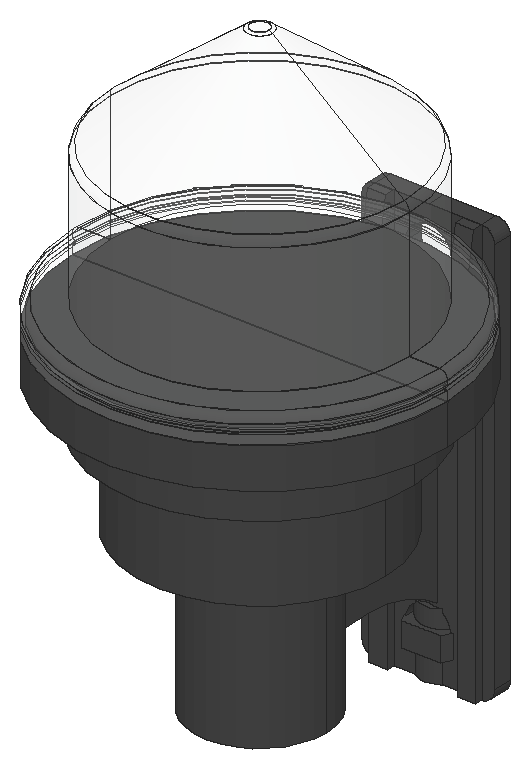
Revit family "External Light Sensor_329", category Electrical Fixtures, Revit 2018
Family settings
  Maintain Annotation Orientation = No
  Round Connector Dimension = Use Diameter
  Part Type = Normal
  Work Plane-Based = Yes
  Always vertical = Yes
  Cut with Voids When Loaded = No
  Shared = No
  Room Calculation Point = No
Parameters (values of type "External Light Sensor")
  Working light range: = "1 lx – 100 000 lx"
  Weight = "250g"
  Storage temperature = "-35°C to +70°C"
  Socket & sensor accessory = "Black glass-filled nylon"
  Sensor element: = "Photodiode matched to\r\nhuman eye response"
  Sensor cover: = "Toughened acrylic (UV stable"
  Safety = "EN 61347-2-11"
  Relative humidity = "Max. 90 %, noncondensing"
  Mounting points: = "2 × M4 (No. 8 woodscrew)\r\nFor fixing centres, see\r\ndiagram."
  Mounting angle: = "Vertical (clear sensor head at top"
  Model = "329"
  Manufacturer = "Helvar"
  Light sensing angle: = "When mounted vertically:\r\n• 85° from vertical\r\n• Horizontal plane: 360°"
  Light level reading output: = "0–200"
  IP code: = "IP65"
  Environment: = "Complies with WEEE and RoHS  directives."
  EMC immunity = "EN 61547"
  EMC emission = "EN 55015"
  Dimensions: = "148 mm × 82 mm × 87 mm"
  Default Elevation = 0 mm
  Dali power supply = "13 V – 22 V"
  DALI consumption: = "10 mA"
  DALI : = "Wire size: 1.0 mm² – 2.5 mm²\r\n2-core solid, flexible or\r\nstranded\r\nMax. length: 300 m\r\n@ 2.5 mm²\r\n(part of DALI subnet)"
  Connector type = "Screw terminals:\r\nN: DALI+\r\nL0: DALI–\r\nL1: No connection"
  Cable rating = "All cables must be mains rated."
  Base & mounting bracket: = "Black ABS"
  Ambient temperature = "-35°C to +70°C"
Reference planes
  plane 1 "Center (Front/Back)": y = 0
  plane 2: z = 0
  plane 3 "Center (Left/Right)": x = 0
  plane 4: z = 74
  plane 5: x = -41
  plane 6: x = 41
  plane 7: y = 8.691
  plane 8: y = -25
  plane 9: y = 25
  plane 10: z = -74
  plane 11: y = -41
Forms (mm)
  Revolve 1, solid, material "black"
    sketch origin (0, 0, 0) x (1, 0, 0) y (0, 0, 1)
      loop
        line (5, -59.203) -> (0, -59.203) -> (0, -74) -> (5, -74) -> (5, -59.203)
      axis (0, -59.203) -> (0, -74)
    angle from 0 to 360
  Revolve 2, solid, material "Glass light texture"
    sketch origin (0, -50, 0) x (1, 0, 0) y (0, 0, 1)
      loop
        line (0, 74) -> (0, 14.873) -> (41, 14.873) -> (41, 17.002) -> (40.183, 17.002) -> (40.183, 17.937) -> (41, 17.937) -> (41, 18.979)
        arc (41, 18.979) -> (40.491, 20.207) -> (39.264, 20.716) r 1.736
        line (39.264, 20.716) -> (32.691, 20.716) -> (32.691, 48.84)
        arc (32.691, 48.84) -> (32.421, 50.009) -> (31.666, 50.941) r 2.666
        line (31.666, 50.941) -> (2.798, 73.496)
        arc (2.798, 73.496) -> (2.084, 73.878) -> (1.284, 74) r 2.382
        line (1.284, 74) -> (0, 74)
      axis (0, 74) -> (0, 14.873)
    angle from 0 to 360
  Extrusion 3, solid, material "black"
    sketch origin (0, 0, -59.203) x (1, 0, 0) y (0, 1, 0)
      loop
        line (-4.136, 6.113) -> (-7.193, 0.048) -> (-4.136, -6.017) -> (4.203, -6.017) -> (7.259, 0.048) -> (4.203, 6.113) -> (-4.136, 6.113)
      loop
        circle (0, 0) r 5
    from -9.287 to -3.897
  Extrusion 4, solid, material "black"
    sketch origin (0, 0, 0) x (1, 0, 0) y (0, 0, 1)
      loop
        line (0, 19) -> (-11.505, 19)
        arc (-11.505, 19) -> (-13.623, 18.123) -> (-14.5, 16.005) r 2.995
        line (-14.5, 16.005) -> (-14.5, -71)
        arc (-14.5, -71) -> (-13.621, -73.121) -> (-11.5, -74) r 3
        line (-11.5, -74) -> (0, -74) -> (11.48, -74)
        arc (11.48, -74) -> (13.615, -73.115) -> (14.5, -70.98) r 3.02
        line (14.5, -70.98) -> (14.5, 16.031)
        arc (14.5, 16.031) -> (13.63, 18.13) -> (11.531, 19) r 2.969
        line (11.531, 19) -> (0, 19)
      loop
        circle (0, 10.118) r 5
      loop
        circle (0, -63.948) r 5
    from 0 to 4
  Extrusion 5, solid, material "black"
    sketch origin (0, -50, 0) x (0, 1, 0) y (0, 0, 1)
      loop
        line (46, -68.948) -> (46, 19) -> (43.86, 19) -> (39.215, -7.341) -> (33.67, -7.341) -> (33.67, -4) -> (32.068, -4) -> (32.068, -8.948) -> (44.299, -8.948) -> (44.299, -74) -> (46, -74) -> (46, -68.948)
    from 7.625 to 11.621
  Extrusion 6, solid, material "black"
    sketch origin (0, -50, 0) x (0, 1, 0) y (0, 0, -1)
      loop
        line (46, 68.948) -> (46, 74) -> (44.299, 74) -> (44.299, 8.948) -> (32.068, 8.948) -> (32.068, 4) -> (33.67, 4) -> (33.67, 7.341) -> (39.215, 7.341) -> (43.86, -19) -> (46, -19) -> (46, 68.948)
    from 7.625 to 11.621
  Extrusion 7, solid, material "black"
    sketch origin (1.813, -50, 0) x (0, 1, 0) y (0, 0, -1)
      loop
        line (14.5, 52.333) -> (14.5, 24) -> (27.5, 24) -> (27.5, 4) -> (32.068, 4) -> (32.068, 8.948) -> (46, 8.948) -> (46, 58.461)
        arc (46, 58.461) -> (37.244, 53.904) -> (27.5, 52.333) r 30.989
        line (27.5, 52.333) -> (14.5, 52.333)
    from 0 to 4
  Extrusion 8, void
    sketch origin (0, -50, 74) x (0, 1, 0) y (1, 0, 0)
      loop
        circle (0, 0) r 2
    from -0.472 to 0.307
  Revolve 9, solid, material "black", not visible
    sketch origin (0, 50, 0) x (1, 0, 0) y (0, 0, 1)
      loop
        line (5, -59.203) -> (0, -59.203) -> (0, -74) -> (5, -74) -> (5, -59.203)
      axis (0, -59.203) -> (0, -74)
    angle from 0 to 360
  Revolve 10, solid, material "Glass light texture", not visible
    sketch origin (0, 0, 0) x (1, 0, 0) y (0, 0, 1)
      loop
        line (0, 74) -> (0, 14.873) -> (41, 14.873) -> (41, 17.002) -> (40.183, 17.002) -> (40.183, 17.937) -> (41, 17.937) -> (41, 18.979)
        arc (41, 18.979) -> (40.491, 20.207) -> (39.264, 20.716) r 1.736
        line (39.264, 20.716) -> (32.691, 20.716) -> (32.691, 48.84)
        arc (32.691, 48.84) -> (32.421, 50.009) -> (31.666, 50.941) r 2.666
        line (31.666, 50.941) -> (2.798, 73.496)
        arc (2.798, 73.496) -> (2.084, 73.878) -> (1.284, 74) r 2.382
        line (1.284, 74) -> (0, 74)
      axis (0, 74) -> (0, 14.873)
    angle from 0 to 360
  Extrusion 11, solid, material "black", not visible
    sketch origin (0, 50, -59.203) x (1, 0, 0) y (0, 1, 0)
      loop
        line (-4.136, 6.113) -> (-7.193, 0.048) -> (-4.136, -6.017) -> (4.203, -6.017) -> (7.259, 0.048) -> (4.203, 6.113) -> (-4.136, 6.113)
      loop
        circle (0, 0) r 5
    from -9.287 to -3.897
  Extrusion 12, solid, material "black", not visible
    sketch origin (0, 50, 0) x (1, 0, 0) y (0, 0, 1)
      loop
        line (0, 19) -> (-11.505, 19)
        arc (-11.505, 19) -> (-13.623, 18.123) -> (-14.5, 16.005) r 2.995
        line (-14.5, 16.005) -> (-14.5, -71)
        arc (-14.5, -71) -> (-13.621, -73.121) -> (-11.5, -74) r 3
        line (-11.5, -74) -> (0, -74) -> (11.48, -74)
        arc (11.48, -74) -> (13.615, -73.115) -> (14.5, -70.98) r 3.02
        line (14.5, -70.98) -> (14.5, 16.031)
        arc (14.5, 16.031) -> (13.63, 18.13) -> (11.531, 19) r 2.969
        line (11.531, 19) -> (0, 19)
      loop
        circle (0, 10.118) r 5
      loop
        circle (0, -63.948) r 5
    from 0 to 4
  Extrusion 13, solid, material "black", not visible
    sketch origin (0, 0, 0) x (0, 1, 0) y (0, 0, 1)
      loop
        line (46, -68.948) -> (46, 19) -> (43.86, 19) -> (39.215, -7.341) -> (33.67, -7.341) -> (33.67, -4) -> (32.068, -4) -> (32.068, -8.948) -> (44.299, -8.948) -> (44.299, -74) -> (46, -74) -> (46, -68.948)
    from 7.625 to 11.621
  Extrusion 14, solid, material "black", not visible
    sketch origin (0, 0, 0) x (0, 1, 0) y (0, 0, -1)
      loop
        line (46, 68.948) -> (46, 74) -> (44.299, 74) -> (44.299, 8.948) -> (32.068, 8.948) -> (32.068, 4) -> (33.67, 4) -> (33.67, 7.341) -> (39.215, 7.341) -> (43.86, -19) -> (46, -19) -> (46, 68.948)
    from 7.625 to 11.621
  Extrusion 15, solid, material "black", not visible
    sketch origin (1.813, 0, 0) x (0, 1, 0) y (0, 0, -1)
      loop
        line (14.5, 52.333) -> (14.5, 24) -> (27.5, 24) -> (27.5, 4) -> (32.068, 4) -> (32.068, 8.948) -> (46, 8.948) -> (46, 58.461)
        arc (46, 58.461) -> (37.244, 53.904) -> (27.5, 52.333) r 30.989
        line (27.5, 52.333) -> (14.5, 52.333)
    from 0 to 4
  Revolve 16, solid, material "black"
    sketch origin (0, -50, 0) x (1, 0, 0) y (0, 0, 1)
      loop
        line (0, 6) -> (0, -59.193) -> (14.5, -59.193) -> (14.5, -24) -> (27.5, -24) -> (27.5, -4) -> (33.75, -4) -> (33.75, 6) -> (0, 6)
      axis (0, 6) -> (0, -59.193)
    angle from 0 to 360
  Revolve 17, solid, material "black"
    sketch origin (0, -50, 0) x (1, 0, 0) y (0, 0, 1)
      loop
        line (0, 14.857) -> (0, 6) -> (41, 6) -> (41, 14.857) -> (0, 14.857)
      axis (0, 14.857) -> (0, 6)
    angle from 0 to 360
  Revolve 18, solid, material "black", not visible
    sketch origin (0, 0, 0) x (1, 0, 0) y (0, 0, 1)
      loop
        line (0, 6) -> (0, -59.193) -> (14.5, -59.193) -> (14.5, -24) -> (27.5, -24) -> (27.5, -4) -> (33.75, -4) -> (33.75, 6) -> (0, 6)
      axis (0, 6) -> (0, -59.193)
    angle from 0 to 360
  Revolve 19, solid, material "black", not visible
    sketch origin (0, 0, 0) x (1, 0, 0) y (0, 0, 1)
      loop
        line (0, 14.857) -> (0, 6) -> (41, 6) -> (41, 14.857) -> (0, 14.857)
      axis (0, 14.857) -> (0, 6)
    angle from 0 to 360
Cuts and joins
  Extrusion 8 cuts Revolve 2
Dimensions and locks
  plane 4 to plane 10 = 148 mm
  plane 5 to plane 3 "Center (Left/Right)" to plane 6 = 41 mm, 41 mm
  plane 4 to level to plane 10 = 74 mm, 74 mm
  aligned and locked: level to plane 2
